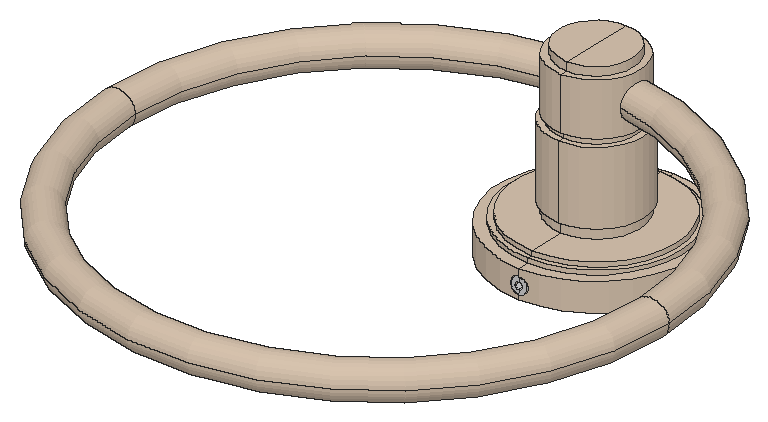
Revit family "Accessory-Towel_Ring-KALLISTA-Vir_Stil-P80264", category Specialty Equipment, host Face, Revit 2021
Family settings
  Host = Face
  Round Connector Dimension = Use Diameter
  Part Type = Normal
  OmniClass Number = 23.31.25.25
  OmniClass Title = Towel Bars
  Cut with Voids When Loaded = No
  Shared = No
  Room Calculation Point = No
Parameters (values of type "BAF-Brushed French Gold")
  Width = 2 25/256"  # constant formula
  WaterSense Certified = 1 = 0  # no
  URL = "https://www.kallista.com/"
  Type = 1
  Product Page URL = ""
  Product Name = "Vir Stil"  # constant formula
  Product Documentation Link = ""
  Model = if(Type = 1, "P80264-00-BAF", if(Type = 2, "P80264-00-BN", if(Type = 3, "P80264-00-CP", if(Type = 4, "P80264-00-SN", "NA"))))  # "P80264-00-BAF"
  Material = "Premium Metal Construction\r\n"  # constant formula
  Master Format 2014 Name = "Toilet, Bath, and Laundry Accessories"  # constant formula
  Master Format 2014 = "10 28 00"  # constant formula
  Manufacturer Address = "444 Highland Dr, Kohler, WI 53044"  # constant formula
  Manufacturer = "Kohler Co."  # constant formula
  Length = 6 97/256"  # constant formula
  Height = 7 65/256"  # constant formula
  Finish = Kallista-Metal-BAF-Brushed_French_Gold
  Environmental Product Declaration = ""
  Description = "Minimal"  # constant formula
  Default Elevation = 42"
  Declare Label = ""
  Date Modified = "09/26/2023"  # constant formula
  Date Created = "09/26/2023"  # constant formula
  Copyright = "Copyright Kohler Co."  # constant formula
  Contact Us = "https://www.kallista.com/corporate/contact-us/"
  Assembly Code = "C1030200"
  ADA Compliant = 1 = 0  # no
Types (5): name | Type | Model | Finish
  (no name) | 1 | "P80264-00-BAF" | Kallista-Metal-BAF-Brushed_French_Gold
  BAF-Brushed French Gold | 1 | "P80264-00-BAF" | Kallista-Metal-BAF-Brushed_French_Gold
  BN-Brushed Nickel | 2 | "P80264-00-BN" | Kallista-Metal-BN-Brushed_Nickel
  CP-Chrome | 3 | "P80264-00-CP" | Kallista-Metal-CP-Chrome
  SN-Polished Nickel | 4 | "P80264-00-SN" | Kallista-Metal-SN-Polished_Nickel
Reference planes (in)
  plane 1 "Center (Front/Back)": y = 0
  plane 2: z = 0
  plane 3 "Center (Left/Right)": x = 0
  plane 4: y = 1.08268
  plane 5: y = -1.08268
  plane 6: x = 1.08268
  plane 7: x = -1.08268
  plane 8: y = -6.17123
  plane 9: z = 2.09766
  plane 10: z = 1.50674
  plane 11: z = 1.90044
  plane 12: y = 0.5315
  plane 13: y = -0.5315
  plane 14: x = -3.18898
  plane 15: x = 3.18993
Dimensions and locks (in)
  plane 12 to plane 13 = 1.06299"
  "Width": plane 9 to plane 2
  plane 10 to plane 11 = 0.3937"
  "Height": plane 8 to plane 4
  plane 7 to plane 6 = 2.16535"
  plane 4 to plane 5 = 2.16535"
  "Length": plane 14 to plane 15
  aligned and locked: plane 2 to host face
  aligned and locked: level to host face
Automatic sketch dimensions
  host sketch curve to host sketch curve = 96"  (x2)
Nested families (in)
  nested 1: "P80264" at (0, 0, 0), type "P80264"
Definition of nested family "P80264"
  Parameters
    Material = none
    Default Elevation = 0"
  Reference planes (in)
    plane 1 "Center (Front/Back)": y = 0
    plane 2: z = 0
    plane 3 "Center (Left/Right)": x = 0
    plane 4: x = -1.08268
    plane 5: x = 1.08268
    plane 6: y = 1.08268
    plane 7: y = -1.08268
    plane 8: y = -6.16929
    plane 9: z = 2.09843
    plane 10: y = 0.5315
    plane 11: y = -0.5315
    plane 12: z = 1.90044
    plane 13: z = 1.50674
    plane 14: x = -3.18898
    plane 15: x = 3.18898
  Forms (in)
    Revolve 1, solid, material <- "Material", detail levels medium+fine
      sketch origin (0, 0, 0) x (0, 1, 0) y (0, 0, 1)
        loop
          line (0, 0) -> (1.08268, 0) -> (1.08268, 0.31529) -> (0.96069, 0.31529) -> (0.96069, 0.36254) -> (0.90221, 0.36254) -> (0.90221, 0.41369) -> (0.49213, 0.41369) -> (0.49213, 0.5318) -> (0.5315, 0.5318) -> (0.5315, 1.3507) -> (0.45955, 1.3507) -> (0.45955, 1.41369) -> (0.49213, 1.41369) -> (0.49213, 2.00424) -> (0.41339, 2.00424) -> (0.41339, 2.09873) -> (0, 2.09873) -> (0, 0)
        axis (0, 0) -> (0, 2.09873)
      angle from 0 to 360
    Sweep 2, solid, material <- "Material", detail levels coarse
      path origin (0, 0, 1.70399) x (1, 0, 0) y (0, 1, 0)
        loop
          circle (0, -2.97077) r 3.18999
      profile origin (0, 0.21922, 1.70399) x (0, -1, 0) y (0, 0, 1)
        loop
          circle (0.19685, 0) r 0.19685
    Revolve 3, void
      sketch origin (0, 0, 0) x (0, 1, 0) y (0, 0, 1)
        loop
          line (-1.18093, 0.14189) -> (-0.78998, 0.14189) -> (-0.78998, 0.23424) -> (-1.18093, 0.23424) -> (-1.18093, 0.14189)
        axis (-0.78998, 0.14189) -> (-1.18093, 0.14189)
      angle from 0 to 360
    Revolve 4, solid, detail levels medium+fine
      sketch origin (0, 0, 0) x (0, 1, 0) y (0, 0, 1)
        loop
          line (-1.08268, 0.23082) -> (-1.08268, 0.14189) -> (-0.78998, 0.14189) -> (-0.78998, 0.23082) -> (-1.08268, 0.23082)
        axis (-0.78998, 0.14189) -> (-1.08268, 0.14189)
      angle from 0 to 360
    Extrusion 5, void
      sketch origin (0, 0, 0) x (1, 0, 0) y (0, 0, 1)
        loop
          line (-0.02575, 0.17514) -> (-0.04495, 0.13432) -> (-0.0192, 0.09729) -> (0.02575, 0.10107) -> (0.04495, 0.14189) -> (0.0192, 0.17892) -> (-0.02575, 0.17514)
      from 0.52012 to 1.25772
    Revolve 6, solid, material <- "Material", detail levels coarse
      sketch origin (0, 0, 0) x (0, 1, 0) y (0, 0, 1)
        loop
          line (0, 0) -> (1.08268, 0) -> (1.08268, 0.31529) -> (0.96069, 0.31529) -> (0.96069, 0.36254) -> (0.90221, 0.36254) -> (0.90221, 0.41369) -> (0.49213, 0.41369) -> (0.49213, 0.5318) -> (0.5315, 0.5318) -> (0.5315, 1.3507) -> (0.45955, 1.3507) -> (0.45955, 1.41369) -> (0.49213, 1.41369) -> (0.49213, 2.00424) -> (0.41339, 2.00424) -> (0.41339, 2.09873) -> (0, 2.09873) -> (0, 0)
        axis (0, 0) -> (0, 2.09873)
      angle from 0 to 360
    Sweep 7, solid, material <- "Material", detail levels medium+fine
      path origin (0, 0, 1.70396) x (1, 0, 0) y (0, 1, 0)
        loop
          circle (0, -2.97077) r 3.18999
      profile origin (0, 0.21922, 1.70396) x (0, -1, 0) y (0, 0, 1)
        loop
          circle (0.19685, 0) r 0.19685
  Cuts and joins
    Revolve 3 cuts Revolve 1
    Extrusion 5 cuts Revolve 4
  Lines and regions (in)
    Masking region 1
      outline origin (0, 0, 0) x (1, 0, 0) y (0, 1, 0)
        loop
          arc (1.08226, 0.03002) -> (0, 1.08268) -> (-1.08226, 0.03002) r 1.08268
          arc (-1.08226, 0.03002) -> (0, -6.15867) -> (1.08226, 0.03002) r 3.18898
        loop
          arc (-1.02048, -0.36167) -> (0, -5.77234) -> (1.02048, -0.36167) r 2.80157
          arc (1.02048, -0.36167) -> (0, -1.08268) -> (-1.02048, -0.36167) r 1.08268
    Masking region 2
      outline origin (0, 0, 0) x (1, 0, 0) y (0, 0, 1)
        loop
          line (1.08268, 0) -> (1.08268, 0.31559) -> (0.96148, 0.31559) -> (0.96148, 0.36307) -> (0.89816, 0.36307) -> (0.89816, 0.41407) -> (0.49278, 0.41407) -> (0.49278, 0.5318) -> (0.5315, 0.5318) -> (0.5315, 1.3507) -> (0.4626, 1.3507) -> (0.4626, 1.41369) -> (0.49366, 1.41369) -> (0.49366, 1.46881)
          arc (0.49366, 1.46881) -> (0.48383, 1.48731) -> (0.47598, 1.50674) r 0.20107
          line (0.47598, 1.50674) -> (2.99115, 1.50674)
          arc (2.99115, 1.50674) -> (3.188, 1.70359) -> (2.99115, 1.90044) r 0.19685
          line (2.99115, 1.90044) -> (0.47064, 1.90044)
          arc (0.47064, 1.90044) -> (0.48123, 1.92485) -> (0.49213, 1.94913) r 2.06448
          line (0.49213, 1.94913) -> (0.49213, 2.00424) -> (0.41339, 2.00424) -> (0.41339, 2.09873) -> (-0.41339, 2.09873) -> (-0.41339, 2.00424) -> (-0.49213, 2.00424) -> (-0.49213, 1.94913)
          arc (-0.49213, 1.94913) -> (-0.48123, 1.92485) -> (-0.47064, 1.90044) r 2.06448
          line (-0.47064, 1.90044) -> (-2.99115, 1.90044)
          arc (-2.99115, 1.90044) -> (-3.188, 1.70359) -> (-2.99115, 1.50674) r 0.19685
          line (-2.99115, 1.50674) -> (-0.47598, 1.50674)
          arc (-0.47598, 1.50674) -> (-0.48383, 1.48731) -> (-0.49366, 1.46881) r 0.20107
          line (-0.49366, 1.46881) -> (-0.49366, 1.41369) -> (-0.4626, 1.41369) -> (-0.4626, 1.3507) -> (-0.5315, 1.3507) -> (-0.5315, 0.5318) -> (-0.49278, 0.5318) -> (-0.49278, 0.41407) -> (-0.89816, 0.41407) -> (-0.89816, 0.36307) -> (-0.96148, 0.36307) -> (-0.96148, 0.31559) -> (-1.08268, 0.31559) -> (-1.08268, 0) -> (1.08268, 0)
    Masking region 3
      outline origin (0, 0, 0) x (0, 1, 0) y (0, 0, 1)
        loop
          line (0.41339, 2.09873) -> (-0.41339, 2.09873) -> (-0.41339, 2.00424) -> (-0.49213, 2.00424) -> (-0.49213, 1.90044) -> (-5.97122, 1.90044)
          arc (-5.97122, 1.90044) -> (-6.16807, 1.70359) -> (-5.97122, 1.50674) r 0.19685
          line (-5.97122, 1.50674) -> (-0.49213, 1.50674) -> (-0.49213, 1.41369) -> (-0.46124, 1.41369) -> (-0.46124, 1.3507) -> (-0.5315, 1.3507) -> (-0.5315, 0.5318) -> (-0.49172, 0.5318) -> (-0.49172, 0.41315) -> (-0.9016, 0.41315) -> (-0.9016, 0.36251) -> (-0.96096, 0.36251) -> (-0.96096, 0.31537) -> (-1.08268, 0.31537) -> (-1.08268, 0) -> (1.08268, 0) -> (1.08268, 0.31537) -> (0.96096, 0.31537) -> (0.96096, 0.36251) -> (0.9016, 0.36251) -> (0.9016, 0.41315) -> (0.49172, 0.41315) -> (0.49172, 0.5318) -> (0.5315, 0.5318) -> (0.5315, 1.3507) -> (0.46124, 1.3507) -> (0.46124, 1.41369) -> (0.49213, 1.41369) -> (0.49213, 2.00424) -> (0.41339, 2.00424) -> (0.41339, 2.09873)
    symbolic lines, detail levels medium+fine
      curve 1: arc (-0.90509, -0.31663, 0) -> (0, -0.95887, 0) -> (0.90509, -0.31663, 0) r 0.95887
      curve 2: arc (-0.85165, -0.29847, 0) -> (0, -0.90243, 0) -> (0.85165, -0.29847, 0) r 0.90243
      curve 3: circle (0, 0, 0) r 0.49213 normal (0, 0, 1)
      curve 4: circle (0, 0, 0) r 0.41339 normal (0, 0, 1)
      curve 5: arc (-0.48613, -0.21487, 0) -> (0, -0.5315, 0) -> (0.48613, -0.21487, 0) r 0.5315
      curve 6: arc (-1.08268, 0.02987, 0) -> (-0.77509, 0.13096, 0) -> (-0.45591, 0.18529, 0) r 2.1763
      curve 7: arc (-1.02779, -0.36454, 0) -> (-0.74208, -0.26614, 0) -> (-0.44522, -0.20969, 0) r 2.10406
      curve 8: arc (1.08268, 0.02987, 0) -> (0.77509, 0.13096, 0) -> (0.45591, 0.18529, 0) r 2.1763
      curve 9: arc (1.02779, -0.36454, 0) -> (0.74208, -0.26614, 0) -> (0.44522, -0.20969, 0) r 2.10406
      curve 10: arc (0.89722, 0.09687, 0) -> (0, 0.90243, 0) -> (-0.89722, 0.09687, 0) r 0.90243
      curve 11: arc (0.95571, 0.07778, 0) -> (0, 0.95887, 0) -> (-0.95571, 0.07778, 0) r 0.95887
      curve 12: arc (0.49984, 0.1807, 0) -> (0, 0.5315, 0) -> (-0.49984, 0.1807, 0) r 0.5315
      curve 13: line (0.49213, 0, 0.41369) -> (-0.49213, 0, 0.41369)
      curve 14: line (-0.49213, 0, 0.5318) -> (0.49213, 0, 0.5318)
      curve 15: line (0.89816, 0, 0.36307) -> (-0.89816, 0, 0.36307)
      curve 16: line (-0.96148, 0, 0.31559) -> (0.96148, 0, 0.31559)
      curve 17: line (0.4626, 0, 1.41369) -> (-0.4626, 0, 1.41369)
      curve 18: line (0.4626, 0, 1.3507) -> (-0.4626, 0, 1.3507)
      curve 19: line (0.47064, 0, 1.90044) -> (0.47598, 0, 1.50674)
      curve 20: line (-0.47064, 0, 1.90044) -> (-0.47598, 0, 1.50674)
      curve 21: line (0.41339, 0, 2.00424) -> (-0.41339, 0, 2.00424)
      curve 22: line (0, 0.41339, 2.00424) -> (0, -0.41339, 2.00424)
      curve 23: line (0, 0.4626, 1.41369) -> (0, -0.46124, 1.41369)
      curve 24: line (0, 0.4626, 1.3507) -> (0, -0.4626, 1.3507)
      curve 25: line (0, 0.49213, 0.5318) -> (0, -0.49172, 0.5318)
      curve 26: line (0, 0.49172, 0.41315) -> (0, -0.49172, 0.41315)
      curve 27: line (0, 0.9016, 0.36251) -> (0, -0.9016, 0.36251)
      curve 28: line (0, -0.96096, 0.31537) -> (0, 0.96096, 0.31537)
      curve 29: line (0, -0.49213, 1.90044) -> (0, 0, 1.90044)
      curve 30: line (0, -0.49213, 1.50674) -> (0, 0, 1.50674)
      curve 31: arc (0, 0, 1.50674) -> (0, 0.19685, 1.70359) -> (0, 0, 1.90044) r 0.19685
      curve 32: arc (0, -0.13352, 1.50674) -> (0, 0.2409, 1.71389) -> (0, -0.1442, 1.90044) r 0.24099
  Dimensions and locks (in)
    plane 12 to plane 13 = 0.3937"
    plane 10 to plane 11 = 1.06299"
    plane 9 to level = 2.09843"
    plane 4 to plane 5 = 2.16535"
    plane 7 to plane 6 = 2.16535"
    plane 6 to plane 8 = 7.25197"
    plane 14 to plane 15 = 6.37795"
    aligned and locked: plane 2 to level
